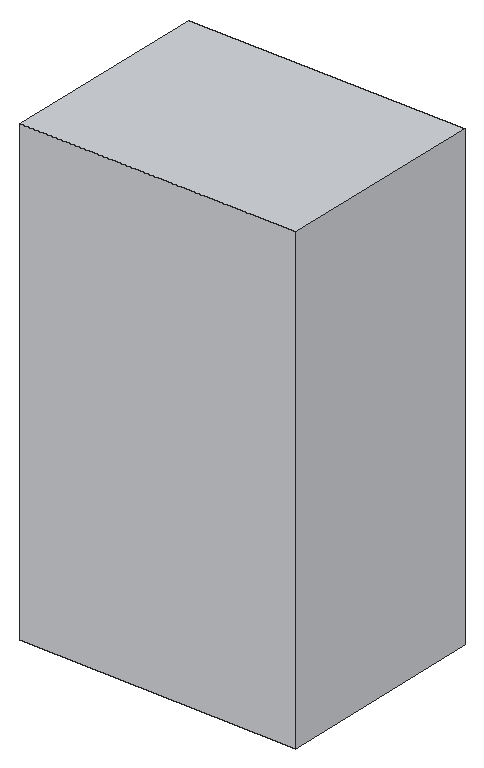
Revit family
Parameters
  Warranty Duration (Years) = 0
  Unit Length [instance] = 1' - 0"
  URL = "http://www.americanspecialties.com/viewCategories.cfm"
  Test Data = ""
  Specification = "http://www.arcat.com/sdspecs/htm/10810asi.htm"
  SpecWizard = ""
  Trim Material = Metal - Stainless Steel
  Send Message = "http://www.arcat.com/users.pl?action=UserEmail&company=American%20Specialties,%20Inc.&coid=30448&rep=139&fax=914-476-0688&mf="
  Sales Information = "http://www.americanspecialties.com/contact"
  Revision = "R1_10-2010"
  Product Properties = "http://www.americanspecialties.com/datasheets/0694.pdf"
  Product Data = "http://www.arcat.com/arcatcos/cos30/arc30448.html"
  Model = "As Specified in 10 28 13"
  Manufacturer Website = "http://www.americanspecialties.com/viewCategories.cfm"
  Manufacturer Phone - Toll Free = ""
  Manufacturer Phone = "914-476-9000 "
  Manufacturer Fax = "914-476-0688"
  Manufacturer Address = "441 Saw Mill River Rd., Yonkers, NY 10701"
  Manufacturer = "American Specialties, Inc."
  Maintenance Schedule (Months) = 0
  Keynote = "10 28 13"
  Installation-Fabrication = "http://www.americanspecialties.com/products.cfm"
  Green Building-LEED = ""
  Expected Lifespan (Years) = 0
  Drawn By = "Robert S. Weygant. CSI, CDT, SCIP"  # constant formula
  Description = "Toilet Accessory as Specified in 10 28 13"
  Default Elevation = 4' - 0"
  Copyright = "©Arcat Inc."
  Construction Details = "http://www.arcat.com/green/clients/leed_data_30448.html"
  Building Codes = "http://www.americanspecialties.com/products.cfm"
  Body Material = Metal - Stainless Steel
  Assembly Code = "C1030210"
Reference planes (in)
  plane 1 "Center (Front/Back)": y = -0.29112
  plane 2 "Floor Line": z = 0
  plane 3 "Center (Left/Right)": x = -0.65843
  plane 4: x = -6.65843
  plane 5: x = 5.34157
  plane 6: z = 0.4375
  plane 7: z = 0
  plane 8: z = 0.6875
  plane 9: z = 5.3125
  plane 10: z = 5.5625
  plane 11: z = 6
  plane 12: x = 2.34157
  plane 13: x = 3.34157
  plane 14: x = -3.65843
  plane 15: x = -4.65843
  plane 16: x = 3.27907
  plane 17: x = -4.59593
  plane 18: y = -0.35362
  plane 19: x = -6.59593
  plane 20: x = 5.27907
  plane 21: z = 0.0625
  plane 22: z = 5.9375
  plane 23: y = -1.29112
Forms (in)
  Extrusion 1, solid
    sketch origin (-3, -9, -6) x (0, 0, -1) y (1, 0, 0)
      loop
        line (-82, 26) -> (-82, -19.34712) -> (-6, -19.34712) -> (-6, 26) -> (-82, 26)
    from 9 to -25.60721
  Extrusion 2, solid, material "Metal - Stainless Steel" <- "Body Material"
    sketch origin (-0.65843, -0.29112, 2.48171) x (0, 0, -1) y (0, 1, 0)
      loop
        line (2.48171, 0) -> (-3.51829, 0) -> (-3.51829, -1) -> (2.48171, -1) -> (2.48171, 0)
    from -6 to 6
  Extrusion 3, solid, material "Metal - Stainless Steel" <- "Body Material"
    sketch origin (-0.65843, -1.14473, 0) x (0, -1, 0) y (0, 0, -1)
      loop
        line (-0.79112, 0) -> (-0.79112, -5.5625) -> (-0.66612, -5.5625) -> (1.20888, 0) -> (-0.79112, 0)
    from 3.9375 to 4
  Extrusion 4, solid, material "Metal - Stainless Steel" <- "Body Material"
    sketch origin (-0.65843, -1.14473, 0) x (0, -1, 0) y (0, 0, -1)
      loop
        line (-0.79112, -5.5625) -> (-0.72862, -5.5625) -> (-0.72862, -0.0625) -> (1.18782, -0.0625) -> (1.20888, 0) -> (-0.79112, 0) -> (-0.79112, -5.5625)
    from 3 to 3.9375
  Extrusion 5, solid, material "Metal - Stainless Steel" <- "Body Material"
    sketch origin (-0.65843, -1.14473, 0) x (0, -1, 0) y (0, 0, 1)
      loop
        line (-0.79112, 5.5625) -> (-0.79112, 0) -> (1.20888, 0) -> (-0.66612, 5.5625) -> (-0.79112, 5.5625)
    from 3.9375 to 4
  Extrusion 6, solid, material "Metal - Stainless Steel" <- "Body Material"
    sketch origin (-0.65843, -1.14473, 0) x (0, -1, 0) y (0, 0, 1)
      loop
        line (-0.79112, 5.5625) -> (-0.79112, 0) -> (1.20888, 0) -> (1.18782, 0.0625) -> (-0.72862, 0.0625) -> (-0.72862, 5.5625) -> (-0.79112, 5.5625)
    from 3 to 3.9375
  Extrusion 7, void
    sketch origin (0, -0.29112, 0) x (1, 0, 0) y (0, 0, 1)
      loop
        line (-6.59593, 5.9375) -> (-6.59593, 0.0625) -> (5.27907, 0.0625) -> (5.27907, 5.9375) -> (-6.59593, 5.9375)
    from 0.0625 to 1
  Extrusion 8, void
    sketch origin (0, 0, 0) x (1, 0, 0) y (0, 1, 0)
      loop
        circle (-4.15843, -1.85362) r 0.10938
      loop
        circle (-4.15843, -0.79112) r 0.10938
      loop
        circle (2.84157, -1.85362) r 0.10938
      loop
        circle (2.84157, -0.79112) r 0.10938
    from 0 to 12
  Extrusion 9, solid, material "Metal - Stainless Steel" <- "Body Material"
    sketch origin (-0.65843, 0, 0) x (0, 1, 0) y (0, 0, 1)
      loop
        line (-0.29112, 0) -> (0.45888, 0) -> (0.45888, 0.0625) -> (-0.29112, 0.0625) -> (-0.29112, 0)
    from -6 to 6
Cuts and joins
  Extrusion 7 cuts Extrusion 2
  Extrusion 8 cuts Extrusion 4
  Extrusion 8 cuts Extrusion 6
Dimensions and locks (in)
  equal spacing: plane 5, plane 3 "Center (Left/Right)", plane 4
  "Unit Length": plane 5 to plane 4
  locked: plane 14 to plane 4 at 3
  locked: plane 12 to plane 5 at 3
  locked: plane 11 to plane 10 at 0.4375
  locked: plane 15 to plane 14 at 1
  locked: plane 12 to plane 13 at 1
  locked: plane 15 to plane 17 at 0.0625
  locked: plane 13 to plane 16 at 0.0625
  locked: plane 11 to plane 22 at 0.0625
  locked: plane 19 to plane 4 at 0.0625
  locked: plane 20 to plane 5 at 0.0625
  aligned and locked: Extrusion 2 to plane 4
  aligned and locked: Extrusion 2 to plane 5
  aligned and locked: Extrusion 3 to Extrusion 4 sketch curve
  aligned and locked: Extrusion 4 sketch curve to Extrusion 3  (x2)
  aligned and locked: Extrusion 4 to Extrusion 3
  aligned and locked: Extrusion 5 to Extrusion 6 sketch curve  (x2)
  aligned and locked: Extrusion 5 to Extrusion 6
  aligned and locked: Extrusion 6 to plane 18
  aligned and locked: Extrusion 5 to plane 18
  aligned and locked: Extrusion 4 to plane 18
  aligned and locked: Extrusion 3 to plane 18
  aligned and locked: Extrusion 7 sketch curve to plane 22
  aligned and locked: plane 21 to Extrusion 7 sketch curve
  aligned and locked: plane 20 to Extrusion 7 sketch curve
  aligned and locked: Extrusion 2 to Extrusion 7
  aligned and locked: Extrusion 7 to plane 18
  aligned and locked: plane 15 to Extrusion 5
  aligned and locked: Extrusion 5 to plane 17
  aligned and locked: plane 13 to Extrusion 3
  aligned and locked: Extrusion 3 to plane 16
  aligned and locked: Extrusion 5 to plane 15
  aligned and locked: plane 17 to cut or joined group of Extrusion 6, Extrusion 8
  aligned and locked: plane 17 to Extrusion 5
  aligned and locked: plane 14 to cut or joined group of Extrusion 6, Extrusion 8
  aligned and locked: plane 12 to cut or joined group of Extrusion 4, Extrusion 8
  aligned and locked: Extrusion 3 to plane 13
  aligned and locked: plane 16 to cut or joined group of Extrusion 4, Extrusion 8
  aligned and locked: plane 16 to Extrusion 3
  aligned and locked: plane 10 to Extrusion 3
  aligned and locked: Extrusion 5 sketch curve to Extrusion 3
  aligned and locked: Extrusion 6 sketch curve to cut or joined group of Extrusion 4, Extrusion 8
  aligned and locked: plane 23 to cut or joined group of Extrusion 2, Extrusion 7
  aligned and locked: Extrusion 9 sketch curve to cut or joined group of Extrusion 2, Extrusion 7
  aligned and locked: Extrusion 9 to plane 4
  aligned and locked: Extrusion 9 to plane 5
Automatic sketch dimensions
  Extrusion 1 sketch curve to Extrusion 1 sketch curve = 6' - 4"
  Extrusion 1 sketch curve to Extrusion 1 sketch curve = 3' - 9.34712"
  Extrusion 2 sketch curve to plane 1 "Center (Front/Back)" = 0' - 0"
  Extrusion 2 sketch curve to plane 11 = 0' - 0"
  Extrusion 2 sketch curve to level = 0' - 0"
  Extrusion 2 sketch curve to Extrusion 2 sketch curve = 0' - 1"
  Extrusion 6 sketch curve to Extrusion 6 sketch curve = 0' - 0 1/16"
  Extrusion 7 sketch curve to plane 19 = 0' - 0"
  Extrusion 8 sketch curve to plane 17 = 0' - 0 7/16"  (x2)
  Extrusion 8 sketch curve to plane 16 = 0' - 0 7/16"  (x2)
  plane 18 to Extrusion 8 sketch curve = 0' - 1 1/2"  (x2)
  plane 18 to Extrusion 8 sketch curve = 0' - 0 7/16"  (x2)
  Extrusion 4 sketch curve to plane 21 = 0' - 0"
  plane 18 to Extrusion 4 sketch curve = 0' - 0 1/16"
  Extrusion 3 sketch curve to plane 18 = 0' - 0"
  Extrusion 3 sketch curve to plane 10 = 0' - 0"
  Extrusion 3 sketch curve to level = 0' - 0"
  Extrusion 3 sketch curve to Extrusion 3 sketch curve = 0' - 0 1/8"
  Extrusion 3 sketch curve to Extrusion 3 sketch curve = 0' - 2"
  Extrusion 5 sketch curve to level = 0' - 0"
  Extrusion 5 sketch curve to Extrusion 5 sketch curve = 0' - 2"
  Extrusion 5 sketch curve to Extrusion 5 sketch curve = 0' - 0 1/8"
  Extrusion 5 sketch curve to plane 18 = 0' - 0"
  Extrusion 4 sketch curve to Extrusion 4 sketch curve = 0' - 1.91643"
  Extrusion 4 sketch curve to Extrusion 4 sketch curve = 0' - 0.02107"
  Extrusion 6 sketch curve to level = 0' - 0"
  Extrusion 6 sketch curve to plane 21 = 0' - 0"
  Extrusion 9 sketch curve to level = 0' - 0"
  Extrusion 9 sketch curve to plane 21 = 0' - 0"
  Extrusion 9 sketch curve to plane 1 "Center (Front/Back)" = 0' - 0 3/4"
  radius of Extrusion 8 sketch curve = 0' - 0 7/64"  (x4)
